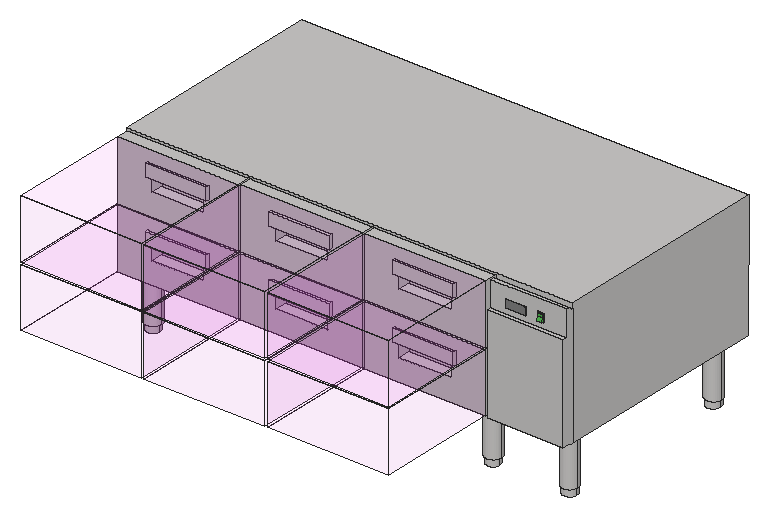
Revit family "QF_ELECTROLUXPROFESSIONAL_391605_E9TTBPCOMKN", category Specialty Equipment, Revit 2018 (continued)
Lines and regions (mm)
  Split face 139
    outline origin (882.897, -448, 142.29) x (0, 0, -1) y (1, 0, 0)
      loop
        arc (-85.025, -240.599) -> (-81.004, -236.61) -> (-85.004, -232.599) r 4
        line (-85.004, -232.599) -> (-117.004, -232.599)
        arc (-117.004, -232.599) -> (-121.004, -236.61) -> (-116.984, -240.599) r 4
        line (-116.984, -240.599) -> (-85.025, -240.599)
  Split face 140
    outline origin (894.896, -448, 142.29) x (0, 0, -1) y (1, 0, 0)
      loop
        arc (-85.025, -240.599) -> (-81.004, -236.61) -> (-85.004, -232.599) r 4
        line (-85.004, -232.599) -> (-117.004, -232.599)
        arc (-117.004, -232.599) -> (-121.004, -236.61) -> (-116.984, -240.599) r 4
        line (-116.984, -240.599) -> (-85.025, -240.599)
  Split face 141
    outline origin (906.896, -448, 142.29) x (0, 0, -1) y (1, 0, 0)
      loop
        arc (-85.025, -242.399) -> (-81.004, -238.41) -> (-85.004, -234.4) r 4
        line (-85.004, -234.4) -> (-117.004, -234.4)
        arc (-117.004, -234.4) -> (-121.004, -238.41) -> (-116.984, -242.399) r 4
        line (-116.984, -242.399) -> (-85.025, -242.399)
  Split face 142
    outline origin (918.896, -448, 142.29) x (0, 0, -1) y (1, 0, 0)
      loop
        arc (-85.025, -242.399) -> (-81.004, -238.41) -> (-85.004, -234.4) r 4
        line (-85.004, -234.4) -> (-117.004, -234.4)
        arc (-117.004, -234.4) -> (-121.004, -238.41) -> (-116.984, -242.399) r 4
        line (-116.984, -242.399) -> (-85.025, -242.399)
  Split face 143
    outline origin (930.896, -448, 142.29) x (0, 0, -1) y (1, 0, 0)
      loop
        arc (-85.025, -242.399) -> (-81.004, -238.41) -> (-85.004, -234.4) r 4
        line (-85.004, -234.4) -> (-117.004, -234.4)
        arc (-117.004, -234.4) -> (-121.004, -238.41) -> (-116.984, -242.399) r 4
        line (-116.984, -242.399) -> (-85.025, -242.399)
  Split face 144
    outline origin (942.896, -448, 142.29) x (0, 0, -1) y (1, 0, 0)
      loop
        arc (-85.025, -242.399) -> (-81.004, -238.41) -> (-85.004, -234.4) r 4
        line (-85.004, -234.4) -> (-117.004, -234.4)
        arc (-117.004, -234.4) -> (-121.004, -238.41) -> (-116.984, -242.399) r 4
        line (-116.984, -242.399) -> (-85.025, -242.399)
  Split face 145
    outline origin (954.896, -448, 142.29) x (0, 0, -1) y (1, 0, 0)
      loop
        arc (-85.025, -242.399) -> (-81.004, -238.41) -> (-85.004, -234.4) r 4
        line (-85.004, -234.4) -> (-117.004, -234.4)
        arc (-117.004, -234.4) -> (-121.004, -238.41) -> (-116.984, -242.399) r 4
        line (-116.984, -242.399) -> (-85.025, -242.399)
  Split face 146
    outline origin (966.896, -448, 142.29) x (0, 0, -1) y (1, 0, 0)
      loop
        arc (-85.025, -242.399) -> (-81.004, -238.41) -> (-85.004, -234.4) r 4
        line (-85.004, -234.4) -> (-117.004, -234.4)
        arc (-117.004, -234.4) -> (-121.004, -238.41) -> (-116.984, -242.399) r 4
        line (-116.984, -242.399) -> (-85.025, -242.399)
  Split face 147
    outline origin (978.896, -448, 142.29) x (0, 0, -1) y (1, 0, 0)
      loop
        arc (-85.025, -242.399) -> (-81.004, -238.41) -> (-85.004, -234.4) r 4
        line (-85.004, -234.4) -> (-117.004, -234.4)
        arc (-117.004, -234.4) -> (-121.004, -238.41) -> (-116.984, -242.399) r 4
        line (-116.984, -242.399) -> (-85.025, -242.399)
  Split face 148
    outline origin (990.896, -448, 142.29) x (0, 0, -1) y (1, 0, 0)
      loop
        arc (-85.025, -242.399) -> (-81.004, -238.41) -> (-85.004, -234.4) r 4
        line (-85.004, -234.4) -> (-117.004, -234.4)
        arc (-117.004, -234.4) -> (-121.004, -238.41) -> (-116.984, -242.399) r 4
        line (-116.984, -242.399) -> (-85.025, -242.399)
  Split face 149
    outline origin (1002.896, -448, 142.29) x (0, 0, -1) y (1, 0, 0)
      loop
        arc (-85.025, -242.399) -> (-81.004, -238.41) -> (-85.004, -234.4) r 4
        line (-85.004, -234.4) -> (-117.004, -234.4)
        arc (-117.004, -234.4) -> (-121.004, -238.41) -> (-116.984, -242.399) r 4
        line (-116.984, -242.399) -> (-85.025, -242.399)
  Split face 150
    outline origin (1014.896, -448, 142.29) x (0, 0, -1) y (1, 0, 0)
      loop
        arc (-85.025, -242.399) -> (-81.004, -238.41) -> (-85.004, -234.4) r 4
        line (-85.004, -234.4) -> (-117.004, -234.4)
        arc (-117.004, -234.4) -> (-121.004, -238.41) -> (-116.984, -242.399) r 4
        line (-116.984, -242.399) -> (-85.025, -242.399)
  Split face 151
    outline origin (787, -448, 142.29) x (0, 0, -1) y (1, 0, 0)
      loop
        arc (-85.025, -240.599) -> (-81.004, -236.61) -> (-85.004, -232.599) r 4
        line (-85.004, -232.599) -> (-117.004, -232.599)
        arc (-117.004, -232.599) -> (-121.004, -236.61) -> (-116.984, -240.599) r 4
        line (-116.984, -240.599) -> (-85.025, -240.599)
  symbolic lines, style "SpecialityEquipmentHiddenLines"
    curve 1: line (-799, 380, 0) -> (799, 380, 0)
    curve 2: line (-799, -448, 0) -> (-799, 380, 0)
    curve 3: line (799, -448, 0) -> (-799, -448, 0)
    curve 4: line (799, 380, 0) -> (799, -448, 0)
    curve 17: line (-799, -403, 0) -> (799, -403, 0)
  symbolic lines, style "QF_Door-Drawer Clearances"
    curve 5: line (-775, -448, 0) -> (-775, -573, 0)
    curve 6: line (-380.999, -573, 0) -> (-380.999, -448, 0)
    curve 7: line (-332.969, -448, 0) -> (-332.969, -573, 0)
    curve 8: line (61.031, -573, 0) -> (61.031, -448, 0)
    curve 9: line (-795, -573, 0) -> (-360.999, -573, 0)
    curve 10: line (-352.969, -573, 0) -> (81.031, -573, 0)
    curve 11: line (-795, -613, 0) -> (-360.999, -613, 0)
    curve 12: line (-352.969, -613, 0) -> (81.031, -613, 0)
    curve 13: line (-360.999, -613, 0) -> (-360.999, -573, 0)
    curve 14: line (-352.969, -573, 0) -> (-352.969, -613, 0)
    curve 15: line (-795, -573, 0) -> (-795, -613, 0)
    curve 16: line (81.031, -613, 0) -> (81.031, -573, 0)
    curve 18: line (108.961, -448, 0) -> (108.961, -573, 0)
    curve 19: line (502.961, -573, 0) -> (502.961, -448, 0)
    curve 20: line (88.961, -573, 0) -> (522.961, -573, 0)
    curve 21: line (88.961, -613, 0) -> (522.961, -613, 0)
    curve 22: line (88.961, -573, 0) -> (88.961, -613, 0)
    curve 23: line (522.961, -613, 0) -> (522.961, -573, 0)
    curve 24: line (-775, -613, 0) -> (-775, -738, 0)
    curve 25: line (-380.999, -738, 0) -> (-380.999, -613, 0)
    curve 26: line (-332.969, -613, 0) -> (-332.969, -738, 0)
    curve 27: line (61.031, -738, 0) -> (61.031, -613, 0)
    curve 28: line (-795, -738, 0) -> (-360.999, -738, 0)
    curve 29: line (-352.969, -738, 0) -> (81.031, -738, 0)
    curve 30: line (-795, -778, 0) -> (-360.999, -778, 0)
    curve 31: line (-352.969, -778, 0) -> (81.031, -778, 0)
    curve 32: line (-360.999, -778, 0) -> (-360.999, -738, 0)
    curve 33: line (-352.969, -738, 0) -> (-352.969, -778, 0)
    curve 34: line (-795, -738, 0) -> (-795, -778, 0)
    curve 35: line (81.031, -778, 0) -> (81.031, -738, 0)
    curve 36: line (108.961, -613, 0) -> (108.961, -738, 0)
    curve 37: line (502.961, -738, 0) -> (502.961, -613, 0)
    curve 38: line (88.961, -738, 0) -> (522.961, -738, 0)
    curve 39: line (88.961, -778, 0) -> (522.961, -778, 0)
    curve 40: line (88.961, -738, 0) -> (88.961, -778, 0)
    curve 41: line (522.961, -778, 0) -> (522.961, -738, 0)
Dimensions and locks
  plane 4 to level = 200 mm
  plane 5 "TOP" to level = 650 mm
  plane 5 "TOP" to plane 4 = 450 mm
  equal spacing: plane 8 "LEFT", plane 3 "Centro (Sinistra/Destra)", plane 9 "RIGHT"
  plane 8 "LEFT" to plane 9 "RIGHT" = 1600 mm
  equal spacing: plane 6 "BACK", plane 1 "Center X", plane 7 "FRONT"
  plane 6 "BACK" to plane 7 "FRONT" = 900 mm
  plane 6 "BACK" to plane 10 = 853 mm
  locked: plane 10 to plane 11 at 45
  locked: plane 8 "LEFT" to plane 12 at 55
  locked: plane 13 to plane 9 "RIGHT" at 55
  plane 12 to plane 14 = 1216 mm
  locked: plane 22 to plane 15 at 88
  locked: plane 16 to plane 11 at 98
  locked: plane 19 to plane 9 "RIGHT" at 1
  locked: plane 8 "LEFT" to plane 18 at 1
  plane 19 to plane 17 = 513 mm
  locked: plane 6 "BACK" to plane 20 at 160
  locked: plane 21 to plane 9 "RIGHT" at 40
  locked: plane 6 "BACK" to plane 22 at 70
  locked: plane 11 to plane 7 "FRONT" at 2
  plane 15 to plane 22 = 88 mm
  plane 11 to plane 16 = 98 mm
  plane 12 to plane 8 "LEFT" = 55 mm
  plane 14 to plane 12 = 1216 mm
  aligned and locked: level to plane 2
  aligned and locked: plane 12 to nested 1
  aligned and locked: nested 1 to plane 16
  aligned and locked: nested 2 to plane 15
  aligned and locked: plane 14 to nested 3
  aligned and locked: nested 4 to plane 14
  aligned and locked: plane 13 to nested 5
  aligned and locked: nested 6 to plane 13
  aligned and locked: Extrusion 1 sketch curve to plane 10
  aligned and locked: plane 4 to Extrusion 2
  aligned and locked: Extrusion 1 to plane 22
  aligned and locked: plane 15 to nested 6
  aligned and locked: plane 15 to nested 4
  aligned and locked: plane 16 to nested 5
  aligned and locked: plane 16 to nested 3
  aligned and locked: nested 2 to plane 12
Automatic sketch dimensions
  Extrusion 2 sketch curve to plane 20 = 30 mm
  Extrusion 2 sketch curve to plane 21 = 0 mm
  Extrusion 7 sketch curve to plane 3 "Centro (Sinistra/Destra)" = 360.999 mm
  Extrusion 7 sketch curve to Extrusion 7 sketch curve = 123.7 mm
  plane 12 to Extrusion 7 sketch curve = 73.7 mm
  plane 18 to Extrusion 7 sketch curve = 4 mm
  Extrusion 7 sketch curve to plane 5 "TOP" = 222.5 mm
  Extrusion 7 sketch curve to plane 5 "TOP" = 143.294 mm
  Extrusion 7 sketch curve to plane 5 "TOP" = 65 mm
  Extrusion 7 sketch curve to plane 5 "TOP" = 9.006 mm
  Extrusion 7 to Extrusion 8 sketch curve = 0 mm
  Extrusion 8 sketch curve to Extrusion 7 = 0 mm  (x3)
  Extrusion 9 sketch curve to Extrusion 7 = 15 mm  (x2)
  Extrusion 7 to Extrusion 9 sketch curve = 31.031 mm
  Extrusion 9 sketch curve to Extrusion 7 = 13.969 mm
  plane 3 "Centro (Sinistra/Destra)" to Extrusion 10 sketch curve = 81.031 mm
  Extrusion 10 sketch curve to plane 3 "Centro (Sinistra/Destra)" = 42.668 mm
  Extrusion 10 sketch curve to Extrusion 10 sketch curve = 186.601 mm
  Extrusion 10 sketch curve to Extrusion 10 sketch curve = 123.7 mm
  Extrusion 10 sketch curve to plane 5 "TOP" = 222.5 mm
  Extrusion 10 sketch curve to plane 5 "TOP" = 143.294 mm
  Extrusion 10 sketch curve to plane 5 "TOP" = 65 mm
  Extrusion 10 sketch curve to plane 5 "TOP" = 9.006 mm
  Extrusion 10 to Extrusion 11 sketch curve = 0 mm
  Extrusion 11 sketch curve to Extrusion 10 = 0 mm  (x3)
  Extrusion 12 sketch curve to Extrusion 10 = 15 mm  (x2)
  Extrusion 10 to Extrusion 12 sketch curve = 31.031 mm
  Extrusion 12 sketch curve to Extrusion 10 = 13.969 mm
  Extrusion 13 sketch curve to plane 5 "TOP" = 9.006 mm
  plane 14 to Extrusion 13 sketch curve = 52 mm
  Extrusion 13 sketch curve to plane 14 = 71.738 mm
  Extrusion 13 sketch curve to plane 17 = 73.339 mm
  plane 3 "Centro (Sinistra/Destra)" to Extrusion 13 sketch curve = 88.961 mm
  Extrusion 13 sketch curve to plane 5 "TOP" = 65 mm
  Extrusion 13 sketch curve to Extrusion 13 sketch curve = 78.294 mm
  Extrusion 13 sketch curve to Extrusion 13 sketch curve = 79.206 mm
  Extrusion 14 sketch curve to Extrusion 13 = 0 mm  (x4)
  Extrusion 15 sketch curve to Extrusion 13 = 15 mm  (x2)
  Extrusion 13 to Extrusion 15 sketch curve = 31.031 mm
  Extrusion 15 sketch curve to Extrusion 13 = 13.969 mm
  curve 17 to plane 10 = 0 mm
  curve 17 to plane 18 = 0 mm
  curve 5 to plane 11 = 0 mm
  curve 4 to plane 19 = 0 mm
  curve 2 to plane 22 = 0 mm
  plane 18 to curve 30 = 4 mm
  plane 18 to curve 15 = 4 mm
  curve 30 to plane 3 "Centro (Sinistra/Destra)" = 360.999 mm
  curve 13 to curve 28 = 0 mm
  curve 30 to curve 31 = 8.03 mm
  curve 9 to curve 14 = 8.03 mm
  plane 3 "Centro (Sinistra/Destra)" to curve 10 = 81.031 mm
  plane 3 "Centro (Sinistra/Destra)" to curve 35 = 81.031 mm
  curve 10 to curve 22 = 7.93 mm
  curve 29 to curve 40 = 7.93 mm
  plane 14 to curve 20 = 51.961 mm
  plane 14 to curve 41 = 51.961 mm
  curve 9 to plane 7 "FRONT" = 123 mm
  curve 9 to curve 10 = 0 mm
  curve 10 to curve 20 = 0 mm
  curve 13 to curve 9 = 40 mm
  curve 23 to curve 20 = 40 mm
  curve 11 to curve 12 = 0 mm
  curve 41 to curve 21 = 125 mm
  curve 29 to curve 38 = 0 mm
  curve 28 to curve 29 = 0 mm
  curve 30 to curve 28 = 40 mm
  curve 35 to curve 29 = 40 mm
  curve 31 to curve 39 = 0 mm
  curve 9 to curve 5 = 20 mm
  curve 28 to curve 24 = 20 mm
  curve 6 to curve 9 = 20 mm
  curve 25 to curve 11 = 20 mm
  curve 29 to curve 26 = 20 mm
  curve 6 to curve 7 = 48.03 mm
  plane 3 "Centro (Sinistra/Destra)" to curve 8 = 61.031 mm
  curve 27 to curve 12 = 20 mm
  curve 20 to curve 18 = 20 mm
  curve 40 to curve 36 = 20 mm
  curve 19 to curve 20 = 20 mm
  curve 37 to curve 38 = 20 mm
  Extrusion 1 sketch curve to plane 19 = 0 mm
  Extrusion 1 sketch curve to plane 18 = 0 mm
  plane 22 to Extrusion 1 sketch curve = 0 mm
  Extrusion 3 sketch curve to plane 11 = 0 mm
  Extrusion 3 sketch curve to plane 4 = 0 mm
  Extrusion 3 sketch curve to plane 10 = 0 mm
  plane 11 to Extrusion 3 sketch curve = 16.901 mm
  Extrusion 3 sketch curve to Extrusion 3 sketch curve = 11.336 mm
  plane 4 to Extrusion 3 sketch curve = 4.796 mm
  Extrusion 3 sketch curve to plane 10 = 15.163 mm
  Extrusion 3 sketch curve to plane 10 = 5.442 mm
  Extrusion 3 sketch curve to plane 5 "TOP" = 100.204 mm
  Extrusion 3 sketch curve to plane 5 "TOP" = 20.473 mm
  Extrusion 3 sketch curve to plane 5 "TOP" = 9.006 mm
  Extrusion 3 to Extrusion 4 sketch curve = 42.198 mm
  Extrusion 4 sketch curve to Extrusion 3 = 20 mm
  Extrusion 3 to Extrusion 4 sketch curve = 102.899 mm
  Extrusion 4 sketch curve to Extrusion 4 sketch curve = 22 mm
  Extrusion 3 to Extrusion 5 sketch curve = 42.198 mm
  Extrusion 5 sketch curve to Extrusion 3 = 20 mm
  Extrusion 3 to Extrusion 5 sketch curve = 54.901 mm
  Extrusion 5 sketch curve to Extrusion 5 sketch curve = 70 mm
  Split face 1 sketch curve to Extrusion 5 = 5 mm
  Split face 1 sketch curve to Extrusion 5 = 9 mm
  Split face 1 sketch curve to Extrusion 5 = 10 mm  (x2)
  Split face 2 sketch curve to Extrusion 5 = 12.5 mm
  Split face 2 sketch curve to Extrusion 5 = 7 mm
  Split face 3 sketch curve to Extrusion 5 = 7.5 mm
  Split face 3 sketch curve to Extrusion 5 = 7 mm
  Split face 4 sketch curve to Extrusion 5 = 11.5 mm
  Split face 4 sketch curve to Extrusion 5 = 7 mm
  Split face 5 sketch curve to Extrusion 5 = 7.5 mm
  Split face 5 sketch curve to Extrusion 5 = 7 mm
  Split face 6 sketch curve to Extrusion 5 = 12.5 mm
  Split face 6 sketch curve to Extrusion 5 = 7 mm
  Split face 7 sketch curve to Extrusion 5 = 11.5 mm
  Split face 7 sketch curve to Extrusion 5 = 7 mm
  Split face 8 sketch curve to Extrusion 5 = 7.047 mm
  Split face 8 sketch curve to Extrusion 5 = 2.047 mm
  Split face 8 sketch curve to Extrusion 5 = 10 mm
  Split face 8 sketch curve to Split face 8 sketch curve = 11 mm
  Split face 9 sketch curve to Extrusion 5 = 7.047 mm
  Split face 9 sketch curve to Extrusion 5 = 2.047 mm
  Split face 9 sketch curve to Extrusion 5 = 23 mm
  Split face 9 sketch curve to Split face 9 sketch curve = 11 mm
  Split face 10 sketch curve to Extrusion 5 = 7.047 mm
  Split face 10 sketch curve to Extrusion 5 = 2.047 mm
  Split face 10 sketch curve to Extrusion 5 = 34 mm
  Split face 10 sketch curve to Split face 10 sketch curve = 11 mm
  Split face 11 sketch curve to Extrusion 5 = 7.047 mm
  Split face 11 sketch curve to Extrusion 5 = 2.047 mm
  Split face 11 sketch curve to Extrusion 5 = 21 mm
  Split face 11 sketch curve to Extrusion 5 = 10 mm
  Extrusion 6 sketch curve to Extrusion 6 sketch curve = 0 mm  (x3)
  Extrusion 6 sketch curve to Extrusion 4 = 0 mm
  Extrusion 4 to Extrusion 6 sketch curve = 2.279 mm
  Extrusion 6 sketch curve to Extrusion 6 sketch curve = 0.116 mm
  Extrusion 6 sketch curve to Extrusion 6 sketch curve = 12.105 mm
  Extrusion 4 to Extrusion 6 sketch curve = 3.692 mm
  Extrusion 4 to Extrusion 6 sketch curve = 2.395 mm
  Split face 12 sketch curve to Extrusion 3 = 20.5 mm
  Split face 12 sketch curve to Split face 12 sketch curve = 0.02 mm  (x2)
  Split face 12 sketch curve to Split face 12 sketch curve = 31.959 mm
  Split face 12 sketch curve to Extrusion 3 = 30.401 mm
  Split face 12 sketch curve to Split face 12 sketch curve = 4 mm
  Split face 13 sketch curve to Extrusion 3 = 20.5 mm
  Split face 13 sketch curve to Split face 13 sketch curve = 0.02 mm  (x2)
  Split face 13 sketch curve to Split face 13 sketch curve = 31.959 mm
  Split face 13 sketch curve to Extrusion 3 = 42.4 mm
  Split face 13 sketch curve to Split face 13 sketch curve = 4 mm
  Split face 14 sketch curve to Extrusion 3 = 20.5 mm
  Split face 14 sketch curve to Split face 14 sketch curve = 0.02 mm  (x2)
  Split face 14 sketch curve to Split face 14 sketch curve = 31.959 mm
  Split face 14 sketch curve to Extrusion 3 = 54.4 mm
  Split face 14 sketch curve to Split face 14 sketch curve = 4 mm
  Split face 15 sketch curve to Extrusion 3 = 20.5 mm
  Split face 15 sketch curve to Split face 15 sketch curve = 0.02 mm  (x2)
  Split face 15 sketch curve to Split face 15 sketch curve = 31.959 mm
  Split face 15 sketch curve to Extrusion 3 = 66.297 mm
  Split face 15 sketch curve to Split face 15 sketch curve = 4 mm
  Split face 16 sketch curve to Extrusion 3 = 20.5 mm
  Split face 16 sketch curve to Split face 16 sketch curve = 0.02 mm  (x2)
  Split face 16 sketch curve to Split face 16 sketch curve = 31.959 mm
  Split face 16 sketch curve to Extrusion 3 = 78.297 mm
  Split face 16 sketch curve to Split face 16 sketch curve = 4 mm
  Split face 17 sketch curve to Extrusion 3 = 20.5 mm
  Split face 17 sketch curve to Split face 17 sketch curve = 0.02 mm  (x2)
  Split face 17 sketch curve to Split face 17 sketch curve = 31.959 mm
  Split face 17 sketch curve to Extrusion 3 = 90.297 mm
  Split face 17 sketch curve to Split face 17 sketch curve = 4 mm
  Split face 18 sketch curve to Extrusion 3 = 20.5 mm
  Split face 18 sketch curve to Split face 18 sketch curve = 0.02 mm  (x2)
  Split face 18 sketch curve to Split face 18 sketch curve = 31.959 mm
  Split face 18 sketch curve to Extrusion 3 = 102.297 mm
  Split face 18 sketch curve to Split face 18 sketch curve = 4 mm
  Split face 19 sketch curve to Extrusion 3 = 20.5 mm
  Split face 19 sketch curve to Split face 19 sketch curve = 0.02 mm  (x2)
  Split face 19 sketch curve to Split face 19 sketch curve = 31.959 mm
  Split face 19 sketch curve to Extrusion 3 = 114.297 mm
  Split face 19 sketch curve to Split face 19 sketch curve = 4 mm
  Split face 20 sketch curve to Extrusion 3 = 20.5 mm
  Split face 20 sketch curve to Split face 20 sketch curve = 0.02 mm  (x2)
  Split face 20 sketch curve to Split face 20 sketch curve = 31.959 mm
  Split face 20 sketch curve to Extrusion 3 = 126.297 mm
  Split face 20 sketch curve to Split face 20 sketch curve = 4 mm
  Split face 21 sketch curve to Extrusion 3 = 20.5 mm
  Split face 21 sketch curve to Split face 21 sketch curve = 0.02 mm  (x2)
  Split face 21 sketch curve to Split face 21 sketch curve = 31.959 mm
  Split face 21 sketch curve to Extrusion 3 = 134.503 mm
  Split face 21 sketch curve to Split face 21 sketch curve = 4 mm
  Split face 22 sketch curve to Extrusion 3 = 20.5 mm
  Split face 22 sketch curve to Split face 22 sketch curve = 0.02 mm  (x2)
  Split face 22 sketch curve to Split face 22 sketch curve = 31.959 mm
  Split face 22 sketch curve to Extrusion 3 = 122.504 mm
  Split face 22 sketch curve to Split face 22 sketch curve = 4 mm
  Split face 23 sketch curve to Extrusion 3 = 20.5 mm
  Split face 23 sketch curve to Split face 23 sketch curve = 0.02 mm  (x2)
  Split face 23 sketch curve to Split face 23 sketch curve = 31.959 mm
  Split face 23 sketch curve to Extrusion 3 = 110.503 mm
  Split face 23 sketch curve to Split face 23 sketch curve = 4 mm
  Split face 24 sketch curve to Extrusion 3 = 20.5 mm
  Split face 24 sketch curve to Split face 24 sketch curve = 0.02 mm  (x2)
  Split face 24 sketch curve to Split face 24 sketch curve = 31.959 mm
  Split face 24 sketch curve to Extrusion 3 = 98.503 mm
  Split face 24 sketch curve to Split face 24 sketch curve = 4 mm
  Split face 25 sketch curve to Extrusion 3 = 20.5 mm
  Split face 25 sketch curve to Split face 25 sketch curve = 0.02 mm  (x2)
  Split face 25 sketch curve to Split face 25 sketch curve = 31.959 mm
  Split face 25 sketch curve to Extrusion 3 = 86.503 mm
  Split face 25 sketch curve to Split face 25 sketch curve = 4 mm
  Split face 26 sketch curve to Extrusion 3 = 20.5 mm
  Split face 26 sketch curve to Split face 26 sketch curve = 0.02 mm  (x2)
  Split face 26 sketch curve to Split face 26 sketch curve = 31.959 mm
  Split face 26 sketch curve to Extrusion 3 = 74.504 mm
  Split face 26 sketch curve to Split face 26 sketch curve = 4 mm
  Split face 27 sketch curve to Extrusion 3 = 20.5 mm
  Split face 27 sketch curve to Split face 27 sketch curve = 0.02 mm  (x2)
  Split face 27 sketch curve to Split face 27 sketch curve = 31.959 mm
  Split face 27 sketch curve to Extrusion 3 = 62.503 mm
  Split face 27 sketch curve to Split face 27 sketch curve = 4 mm
  Split face 28 sketch curve to Extrusion 3 = 20.5 mm
  Split face 28 sketch curve to Split face 28 sketch curve = 0.02 mm  (x2)
  Split face 28 sketch curve to Split face 28 sketch curve = 31.959 mm
  Split face 28 sketch curve to Extrusion 3 = 50.504 mm
  Split face 28 sketch curve to Split face 28 sketch curve = 4 mm
  Split face 29 sketch curve to Extrusion 3 = 20.5 mm
  Split face 29 sketch curve to Split face 29 sketch curve = 0.02 mm  (x2)
  Split face 29 sketch curve to Split face 29 sketch curve = 31.959 mm
  Split face 29 sketch curve to Extrusion 3 = 38.504 mm
  Split face 29 sketch curve to Split face 29 sketch curve = 4 mm
  Split face 30 sketch curve to Extrusion 3 = 20.5 mm
  Split face 30 sketch curve to Split face 30 sketch curve = 0.02 mm  (x2)
  Split face 30 sketch curve to Split face 30 sketch curve = 31.959 mm
  Split face 30 sketch curve to Extrusion 3 = 26.504 mm
  Split face 30 sketch curve to Split face 30 sketch curve = 4 mm
  Split face 31 sketch curve to Extrusion 3 = 20.5 mm
  Split face 31 sketch curve to Split face 31 sketch curve = 0.02 mm  (x2)
  Split face 31 sketch curve to Split face 31 sketch curve = 31.959 mm
  Split face 31 sketch curve to Extrusion 3 = 18.401 mm
  Split face 31 sketch curve to Split face 31 sketch curve = 4 mm
  Split face 32 sketch curve to Extrusion 3 = 65.502 mm
  Split face 32 sketch curve to Split face 32 sketch curve = 0.02 mm  (x2)
  Split face 32 sketch curve to Split face 32 sketch curve = 31.959 mm
  Split face 32 sketch curve to Extrusion 3 = 30.401 mm
  Split face 32 sketch curve to Split face 32 sketch curve = 4 mm
  Split face 33 sketch curve to Extrusion 3 = 65.502 mm
  Split face 33 sketch curve to Split face 33 sketch curve = 0.02 mm  (x2)
  Split face 33 sketch curve to Split face 33 sketch curve = 31.959 mm
  Split face 33 sketch curve to Extrusion 3 = 42.4 mm
  Split face 33 sketch curve to Split face 33 sketch curve = 4 mm
  Split face 34 sketch curve to Extrusion 3 = 65.502 mm
  Split face 34 sketch curve to Split face 34 sketch curve = 0.02 mm  (x2)
  Split face 34 sketch curve to Split face 34 sketch curve = 31.959 mm
  Split face 34 sketch curve to Extrusion 3 = 54.4 mm
  Split face 34 sketch curve to Split face 34 sketch curve = 4 mm
  Split face 35 sketch curve to Extrusion 3 = 65.502 mm
  Split face 35 sketch curve to Split face 35 sketch curve = 0.02 mm  (x2)
  Split face 35 sketch curve to Split face 35 sketch curve = 31.959 mm
  Split face 35 sketch curve to Extrusion 3 = 66.297 mm
  Split face 35 sketch curve to Split face 35 sketch curve = 4 mm
  Split face 36 sketch curve to Extrusion 3 = 65.502 mm
  Split face 36 sketch curve to Split face 36 sketch curve = 0.02 mm  (x2)
  Split face 36 sketch curve to Split face 36 sketch curve = 31.959 mm
  Split face 36 sketch curve to Extrusion 3 = 78.297 mm
  Split face 36 sketch curve to Split face 36 sketch curve = 4 mm
  Split face 37 sketch curve to Extrusion 3 = 65.502 mm
  Split face 37 sketch curve to Split face 37 sketch curve = 0.02 mm  (x2)
  Split face 37 sketch curve to Split face 37 sketch curve = 31.959 mm
  Split face 37 sketch curve to Extrusion 3 = 90.297 mm
  Split face 37 sketch curve to Split face 37 sketch curve = 4 mm
  Split face 38 sketch curve to Extrusion 3 = 65.502 mm
  Split face 38 sketch curve to Split face 38 sketch curve = 0.02 mm  (x2)
  Split face 38 sketch curve to Split face 38 sketch curve = 31.959 mm
  Split face 38 sketch curve to Extrusion 3 = 102.297 mm
  Split face 38 sketch curve to Split face 38 sketch curve = 4 mm
  Split face 39 sketch curve to Extrusion 3 = 65.502 mm
  Split face 39 sketch curve to Split face 39 sketch curve = 0.02 mm  (x2)
  Split face 39 sketch curve to Split face 39 sketch curve = 31.959 mm
  Split face 39 sketch curve to Extrusion 3 = 114.297 mm
  Split face 39 sketch curve to Split face 39 sketch curve = 4 mm
  Split face 40 sketch curve to Extrusion 3 = 65.502 mm
  Split face 40 sketch curve to Split face 40 sketch curve = 0.02 mm  (x2)
  Split face 40 sketch curve to Split face 40 sketch curve = 31.959 mm
  Split face 40 sketch curve to Extrusion 3 = 126.297 mm
  Split face 40 sketch curve to Split face 40 sketch curve = 4 mm
  Split face 41 sketch curve to Extrusion 3 = 65.502 mm
  Split face 41 sketch curve to Split face 41 sketch curve = 0.02 mm  (x2)
  Split face 41 sketch curve to Split face 41 sketch curve = 31.959 mm
  Split face 41 sketch curve to Extrusion 3 = 134.503 mm
  Split face 41 sketch curve to Split face 41 sketch curve = 4 mm
  Split face 42 sketch curve to Extrusion 3 = 65.502 mm
  Split face 42 sketch curve to Split face 42 sketch curve = 0.02 mm  (x2)
  Split face 42 sketch curve to Split face 42 sketch curve = 31.959 mm
  Split face 42 sketch curve to Extrusion 3 = 122.504 mm
  Split face 42 sketch curve to Split face 42 sketch curve = 4 mm
  Split face 43 sketch curve to Extrusion 3 = 65.502 mm
  Split face 43 sketch curve to Split face 43 sketch curve = 0.02 mm  (x2)
  Split face 43 sketch curve to Split face 43 sketch curve = 31.959 mm
  Split face 43 sketch curve to Extrusion 3 = 110.503 mm
  Split face 43 sketch curve to Split face 43 sketch curve = 4 mm
  Split face 44 sketch curve to Extrusion 3 = 65.502 mm
  Split face 44 sketch curve to Split face 44 sketch curve = 0.02 mm  (x2)
  Split face 44 sketch curve to Split face 44 sketch curve = 31.959 mm
  Split face 44 sketch curve to Extrusion 3 = 98.503 mm
  Split face 44 sketch curve to Split face 44 sketch curve = 4 mm
  Split face 45 sketch curve to Extrusion 3 = 65.502 mm
  Split face 45 sketch curve to Split face 45 sketch curve = 0.02 mm  (x2)
  Split face 45 sketch curve to Split face 45 sketch curve = 31.959 mm
  Split face 45 sketch curve to Extrusion 3 = 86.503 mm
  Split face 45 sketch curve to Split face 45 sketch curve = 4 mm
  Split face 46 sketch curve to Extrusion 3 = 65.502 mm
  Split face 46 sketch curve to Split face 46 sketch curve = 0.02 mm  (x2)
  Split face 46 sketch curve to Split face 46 sketch curve = 31.959 mm
  Split face 46 sketch curve to Extrusion 3 = 74.504 mm
  Split face 46 sketch curve to Split face 46 sketch curve = 4 mm
  Split face 47 sketch curve to Extrusion 3 = 65.502 mm
  Split face 47 sketch curve to Split face 47 sketch curve = 0.02 mm  (x2)
  Split face 47 sketch curve to Split face 47 sketch curve = 31.959 mm
  Split face 47 sketch curve to Extrusion 3 = 62.503 mm
  Split face 47 sketch curve to Split face 47 sketch curve = 4 mm
  Split face 48 sketch curve to Extrusion 3 = 65.502 mm
  Split face 48 sketch curve to Split face 48 sketch curve = 0.02 mm  (x2)
  Split face 48 sketch curve to Split face 48 sketch curve = 31.959 mm
  Split face 48 sketch curve to Extrusion 3 = 50.504 mm
  Split face 48 sketch curve to Split face 48 sketch curve = 4 mm
  Split face 49 sketch curve to Extrusion 3 = 65.502 mm
  Split face 49 sketch curve to Split face 49 sketch curve = 0.02 mm  (x2)
  Split face 49 sketch curve to Split face 49 sketch curve = 31.959 mm
  Split face 49 sketch curve to Extrusion 3 = 38.504 mm
  Split face 49 sketch curve to Split face 49 sketch curve = 4 mm
  Split face 50 sketch curve to Extrusion 3 = 22.504 mm
  Split face 50 sketch curve to Extrusion 3 = 65.502 mm
  Split face 50 sketch curve to Split face 50 sketch curve = 0.02 mm  (x2)
  Split face 50 sketch curve to Split face 50 sketch curve = 31.959 mm
  Split face 50 sketch curve to Split face 50 sketch curve = 4 mm
  Split face 51 sketch curve to Extrusion 3 = 22.401 mm
  Split face 51 sketch curve to Extrusion 3 = 65.502 mm
  Split face 51 sketch curve to Split face 51 sketch curve = 0.02 mm  (x2)
  Split face 51 sketch curve to Split face 51 sketch curve = 31.959 mm
  Split face 51 sketch curve to Split face 51 sketch curve = 4 mm
  Split face 52 sketch curve to Extrusion 3 = 34.401 mm
  Split face 52 sketch curve to Extrusion 3 = 110.502 mm
  Split face 52 sketch curve to Split face 52 sketch curve = 0.02 mm  (x2)
  Split face 52 sketch curve to Split face 52 sketch curve = 31.959 mm
  Split face 52 sketch curve to Split face 52 sketch curve = 4 mm
  Split face 53 sketch curve to Extrusion 3 = 46.4 mm
  Split face 53 sketch curve to Extrusion 3 = 110.502 mm
  Split face 53 sketch curve to Split face 53 sketch curve = 0.02 mm  (x2)
  Split face 53 sketch curve to Split face 53 sketch curve = 31.959 mm
  Split face 53 sketch curve to Split face 53 sketch curve = 4 mm
  Split face 54 sketch curve to Extrusion 3 = 110.502 mm
  Split face 54 sketch curve to Split face 54 sketch curve = 0.02 mm  (x2)
  Split face 54 sketch curve to Split face 54 sketch curve = 31.959 mm
  Split face 54 sketch curve to Extrusion 3 = 54.4 mm
  Split face 54 sketch curve to Split face 54 sketch curve = 4 mm
  Split face 55 sketch curve to Extrusion 3 = 110.502 mm
  Split face 55 sketch curve to Split face 55 sketch curve = 0.02 mm  (x2)
  Split face 55 sketch curve to Split face 55 sketch curve = 31.959 mm
  Split face 55 sketch curve to Extrusion 3 = 66.297 mm
  Split face 55 sketch curve to Split face 55 sketch curve = 4 mm
  Split face 56 sketch curve to Extrusion 3 = 110.502 mm
  Split face 56 sketch curve to Split face 56 sketch curve = 0.02 mm  (x2)
  Split face 56 sketch curve to Split face 56 sketch curve = 31.959 mm
  Split face 56 sketch curve to Extrusion 3 = 78.297 mm
  Split face 56 sketch curve to Split face 56 sketch curve = 4 mm
  Split face 57 sketch curve to Extrusion 3 = 110.502 mm
  Split face 57 sketch curve to Split face 57 sketch curve = 0.02 mm  (x2)
  Split face 57 sketch curve to Split face 57 sketch curve = 31.959 mm
  Split face 57 sketch curve to Extrusion 3 = 90.297 mm
  Split face 57 sketch curve to Split face 57 sketch curve = 4 mm
  Split face 58 sketch curve to Extrusion 3 = 110.502 mm
  Split face 58 sketch curve to Split face 58 sketch curve = 0.02 mm  (x2)
  Split face 58 sketch curve to Split face 58 sketch curve = 31.959 mm
  Split face 58 sketch curve to Extrusion 3 = 102.297 mm
  Split face 58 sketch curve to Split face 58 sketch curve = 4 mm
  Split face 59 sketch curve to Extrusion 3 = 110.502 mm
  Split face 59 sketch curve to Split face 59 sketch curve = 0.02 mm  (x2)
  Split face 59 sketch curve to Split face 59 sketch curve = 31.959 mm
  Split face 59 sketch curve to Extrusion 3 = 114.297 mm
  Split face 59 sketch curve to Split face 59 sketch curve = 4 mm
  Split face 60 sketch curve to Extrusion 3 = 110.502 mm
  Split face 60 sketch curve to Split face 60 sketch curve = 0.02 mm  (x2)
  Split face 60 sketch curve to Split face 60 sketch curve = 31.959 mm
  Split face 60 sketch curve to Extrusion 3 = 126.297 mm
  Split face 60 sketch curve to Split face 60 sketch curve = 4 mm
  Split face 61 sketch curve to Extrusion 3 = 110.502 mm
  Split face 61 sketch curve to Split face 61 sketch curve = 0.02 mm  (x2)
  Split face 61 sketch curve to Split face 61 sketch curve = 31.959 mm
  Split face 61 sketch curve to Extrusion 3 = 134.503 mm
  Split face 61 sketch curve to Split face 61 sketch curve = 4 mm
  Split face 62 sketch curve to Extrusion 3 = 110.502 mm
  Split face 62 sketch curve to Split face 62 sketch curve = 0.02 mm  (x2)
  Split face 62 sketch curve to Split face 62 sketch curve = 31.959 mm
  Split face 62 sketch curve to Extrusion 3 = 122.504 mm
  Split face 62 sketch curve to Split face 62 sketch curve = 4 mm
  Split face 63 sketch curve to Extrusion 3 = 110.502 mm
  Split face 63 sketch curve to Split face 63 sketch curve = 0.02 mm  (x2)
  Split face 63 sketch curve to Split face 63 sketch curve = 31.959 mm
  Split face 63 sketch curve to Extrusion 3 = 110.503 mm
  Split face 63 sketch curve to Split face 63 sketch curve = 4 mm
  Split face 64 sketch curve to Extrusion 3 = 110.502 mm
  Split face 64 sketch curve to Split face 64 sketch curve = 0.02 mm  (x2)
  Split face 64 sketch curve to Split face 64 sketch curve = 31.959 mm
  Split face 64 sketch curve to Extrusion 3 = 98.503 mm
  Split face 64 sketch curve to Split face 64 sketch curve = 4 mm
  Split face 65 sketch curve to Extrusion 3 = 110.502 mm
  Split face 65 sketch curve to Split face 65 sketch curve = 0.02 mm  (x2)
  Split face 65 sketch curve to Split face 65 sketch curve = 31.959 mm
  Split face 65 sketch curve to Extrusion 3 = 86.503 mm
  Split face 65 sketch curve to Split face 65 sketch curve = 4 mm
  Split face 66 sketch curve to Extrusion 3 = 110.502 mm
  Split face 66 sketch curve to Split face 66 sketch curve = 0.02 mm  (x2)
  Split face 66 sketch curve to Split face 66 sketch curve = 31.959 mm
  Split face 66 sketch curve to Extrusion 3 = 74.504 mm
  Split face 66 sketch curve to Split face 66 sketch curve = 4 mm
  Split face 67 sketch curve to Extrusion 3 = 110.502 mm
  Split face 67 sketch curve to Split face 67 sketch curve = 0.02 mm  (x2)
  Split face 67 sketch curve to Split face 67 sketch curve = 31.959 mm
  Split face 67 sketch curve to Extrusion 3 = 62.503 mm
  Split face 67 sketch curve to Split face 67 sketch curve = 4 mm
  Split face 68 sketch curve to Extrusion 3 = 46.504 mm
  Split face 68 sketch curve to Extrusion 3 = 110.502 mm
  Split face 68 sketch curve to Split face 68 sketch curve = 0.02 mm  (x2)
  Split face 68 sketch curve to Split face 68 sketch curve = 31.959 mm
  Split face 68 sketch curve to Split face 68 sketch curve = 4 mm
  Split face 69 sketch curve to Extrusion 3 = 34.504 mm
  Split face 69 sketch curve to Extrusion 3 = 110.502 mm
  Split face 69 sketch curve to Split face 69 sketch curve = 0.02 mm  (x2)
  Split face 69 sketch curve to Split face 69 sketch curve = 31.959 mm
  Split face 69 sketch curve to Split face 69 sketch curve = 4 mm
  Split face 70 sketch curve to Extrusion 3 = 22.504 mm
  Split face 70 sketch curve to Extrusion 3 = 110.502 mm
  Split face 70 sketch curve to Split face 70 sketch curve = 0.02 mm  (x2)
  Split face 70 sketch curve to Split face 70 sketch curve = 31.959 mm
  Split face 70 sketch curve to Split face 70 sketch curve = 4 mm
  Split face 71 sketch curve to Extrusion 3 = 22.401 mm
  Split face 71 sketch curve to Extrusion 3 = 110.502 mm
  Split face 71 sketch curve to Split face 71 sketch curve = 0.02 mm  (x2)
  Split face 71 sketch curve to Split face 71 sketch curve = 31.959 mm
  Split face 71 sketch curve to Split face 71 sketch curve = 4 mm
  Split face 72 sketch curve to Extrusion 3 = 34.401 mm
  Split face 72 sketch curve to Extrusion 3 = 155.502 mm
  Split face 72 sketch curve to Split face 72 sketch curve = 0.02 mm  (x2)
  Split face 72 sketch curve to Split face 72 sketch curve = 31.959 mm
  Split face 72 sketch curve to Split face 72 sketch curve = 4 mm
  Split face 73 sketch curve to Extrusion 3 = 46.4 mm
  Split face 73 sketch curve to Extrusion 3 = 155.502 mm
  Split face 73 sketch curve to Split face 73 sketch curve = 0.02 mm  (x2)
  Split face 73 sketch curve to Split face 73 sketch curve = 31.959 mm
  Split face 73 sketch curve to Split face 73 sketch curve = 4 mm
  Split face 74 sketch curve to Extrusion 3 = 58.4 mm
  Split face 74 sketch curve to Extrusion 3 = 155.502 mm
  Split face 74 sketch curve to Split face 74 sketch curve = 0.02 mm  (x2)
  Split face 74 sketch curve to Split face 74 sketch curve = 31.959 mm
  Split face 74 sketch curve to Split face 74 sketch curve = 4 mm
  Split face 75 sketch curve to Extrusion 3 = 70.297 mm
  Split face 75 sketch curve to Extrusion 3 = 155.502 mm
  Split face 75 sketch curve to Split face 75 sketch curve = 0.02 mm  (x2)
  Split face 75 sketch curve to Split face 75 sketch curve = 31.959 mm
  Split face 75 sketch curve to Split face 75 sketch curve = 4 mm
  Split face 76 sketch curve to Extrusion 3 = 155.502 mm
  Split face 76 sketch curve to Split face 76 sketch curve = 0.02 mm  (x2)
  Split face 76 sketch curve to Split face 76 sketch curve = 31.959 mm
  Split face 76 sketch curve to Extrusion 3 = 78.297 mm
  Split face 76 sketch curve to Split face 76 sketch curve = 4 mm
  Split face 77 sketch curve to Extrusion 3 = 155.502 mm
  Split face 77 sketch curve to Split face 77 sketch curve = 0.02 mm  (x2)
  Split face 77 sketch curve to Split face 77 sketch curve = 31.959 mm
  Split face 77 sketch curve to Extrusion 3 = 90.297 mm
  Split face 77 sketch curve to Split face 77 sketch curve = 4 mm
  Split face 78 sketch curve to Extrusion 3 = 155.502 mm
  Split face 78 sketch curve to Split face 78 sketch curve = 0.02 mm  (x2)
  Split face 78 sketch curve to Split face 78 sketch curve = 31.959 mm
  Split face 78 sketch curve to Extrusion 3 = 102.297 mm
  Split face 78 sketch curve to Split face 78 sketch curve = 4 mm
  Split face 79 sketch curve to Extrusion 3 = 155.502 mm
  Split face 79 sketch curve to Split face 79 sketch curve = 0.02 mm  (x2)
  Split face 79 sketch curve to Split face 79 sketch curve = 31.959 mm
  Split face 79 sketch curve to Extrusion 3 = 114.297 mm
  Split face 79 sketch curve to Split face 79 sketch curve = 4 mm
  Split face 80 sketch curve to Extrusion 3 = 155.502 mm
  Split face 80 sketch curve to Split face 80 sketch curve = 0.02 mm  (x2)
  Split face 80 sketch curve to Split face 80 sketch curve = 31.959 mm
  Split face 80 sketch curve to Extrusion 3 = 126.297 mm
  Split face 80 sketch curve to Split face 80 sketch curve = 4 mm
  Split face 81 sketch curve to Extrusion 3 = 155.502 mm
  Split face 81 sketch curve to Split face 81 sketch curve = 0.02 mm  (x2)
  Split face 81 sketch curve to Split face 81 sketch curve = 31.959 mm
  Split face 81 sketch curve to Extrusion 3 = 134.503 mm
  Split face 81 sketch curve to Split face 81 sketch curve = 4 mm
  Split face 82 sketch curve to Extrusion 3 = 155.502 mm
  Split face 82 sketch curve to Split face 82 sketch curve = 0.02 mm  (x2)
  Split face 82 sketch curve to Split face 82 sketch curve = 31.959 mm
  Split face 82 sketch curve to Extrusion 3 = 122.504 mm
  Split face 82 sketch curve to Split face 82 sketch curve = 4 mm
  Split face 83 sketch curve to Extrusion 3 = 155.502 mm
  Split face 83 sketch curve to Split face 83 sketch curve = 0.02 mm  (x2)
  Split face 83 sketch curve to Split face 83 sketch curve = 31.959 mm
  Split face 83 sketch curve to Extrusion 3 = 110.503 mm
  Split face 83 sketch curve to Split face 83 sketch curve = 4 mm
  Split face 84 sketch curve to Extrusion 3 = 155.502 mm
  Split face 84 sketch curve to Split face 84 sketch curve = 0.02 mm  (x2)
  Split face 84 sketch curve to Split face 84 sketch curve = 31.959 mm
  Split face 84 sketch curve to Extrusion 3 = 98.503 mm
  Split face 84 sketch curve to Split face 84 sketch curve = 4 mm
  Split face 85 sketch curve to Extrusion 3 = 155.502 mm
  Split face 85 sketch curve to Split face 85 sketch curve = 0.02 mm  (x2)
  Split face 85 sketch curve to Split face 85 sketch curve = 31.959 mm
  Split face 85 sketch curve to Extrusion 3 = 86.503 mm
  Split face 85 sketch curve to Split face 85 sketch curve = 4 mm
  Split face 86 sketch curve to Extrusion 3 = 70.504 mm
  Split face 86 sketch curve to Extrusion 3 = 155.502 mm
  Split face 86 sketch curve to Split face 86 sketch curve = 0.02 mm  (x2)
  Split face 86 sketch curve to Split face 86 sketch curve = 31.959 mm
  Split face 86 sketch curve to Split face 86 sketch curve = 4 mm
  Split face 87 sketch curve to Extrusion 3 = 58.503 mm
  Split face 87 sketch curve to Extrusion 3 = 155.502 mm
  Split face 87 sketch curve to Split face 87 sketch curve = 0.02 mm  (x2)
  Split face 87 sketch curve to Split face 87 sketch curve = 31.959 mm
  Split face 87 sketch curve to Split face 87 sketch curve = 4 mm
  Split face 88 sketch curve to Extrusion 3 = 46.504 mm
  Split face 88 sketch curve to Extrusion 3 = 155.502 mm
  Split face 88 sketch curve to Split face 88 sketch curve = 0.02 mm  (x2)
  Split face 88 sketch curve to Split face 88 sketch curve = 31.959 mm
  Split face 88 sketch curve to Split face 88 sketch curve = 4 mm
  Split face 89 sketch curve to Extrusion 3 = 34.504 mm
  Split face 89 sketch curve to Extrusion 3 = 155.502 mm
  Split face 89 sketch curve to Split face 89 sketch curve = 0.02 mm  (x2)
  Split face 89 sketch curve to Split face 89 sketch curve = 31.959 mm
  Split face 89 sketch curve to Split face 89 sketch curve = 4 mm
  Split face 90 sketch curve to Extrusion 3 = 22.504 mm
  Split face 90 sketch curve to Extrusion 3 = 155.502 mm
  Split face 90 sketch curve to Split face 90 sketch curve = 0.02 mm  (x2)
  Split face 90 sketch curve to Split face 90 sketch curve = 31.959 mm
  Split face 90 sketch curve to Split face 90 sketch curve = 4 mm
  Split face 91 sketch curve to Extrusion 3 = 22.401 mm
  Split face 91 sketch curve to Extrusion 3 = 155.502 mm
  Split face 91 sketch curve to Split face 91 sketch curve = 0.02 mm  (x2)
  Split face 91 sketch curve to Split face 91 sketch curve = 31.959 mm
  Split face 91 sketch curve to Split face 91 sketch curve = 4 mm
  Split face 92 sketch curve to Extrusion 3 = 34.401 mm
  Split face 92 sketch curve to Extrusion 3 = 144.498 mm
  Split face 92 sketch curve to Split face 92 sketch curve = 0.02 mm  (x2)
  Split face 92 sketch curve to Split face 92 sketch curve = 31.959 mm
  Split face 92 sketch curve to Split face 92 sketch curve = 4 mm
  Split face 93 sketch curve to Extrusion 3 = 46.4 mm
  Split face 93 sketch curve to Extrusion 3 = 144.498 mm
  Split face 93 sketch curve to Split face 93 sketch curve = 0.02 mm  (x2)
  Split face 93 sketch curve to Split face 93 sketch curve = 31.959 mm
  Split face 93 sketch curve to Split face 93 sketch curve = 4 mm
  Split face 94 sketch curve to Extrusion 3 = 58.4 mm
  Split face 94 sketch curve to Extrusion 3 = 144.498 mm
  Split face 94 sketch curve to Split face 94 sketch curve = 0.02 mm  (x2)
  Split face 94 sketch curve to Split face 94 sketch curve = 31.959 mm
  Split face 94 sketch curve to Split face 94 sketch curve = 4 mm
  Split face 95 sketch curve to Extrusion 3 = 70.297 mm
  Split face 95 sketch curve to Extrusion 3 = 144.498 mm
  Split face 95 sketch curve to Split face 95 sketch curve = 0.02 mm  (x2)
  Split face 95 sketch curve to Split face 95 sketch curve = 31.959 mm
  Split face 95 sketch curve to Split face 95 sketch curve = 4 mm
  Split face 96 sketch curve to Extrusion 3 = 144.498 mm
  Split face 96 sketch curve to Split face 96 sketch curve = 0.02 mm  (x2)
  Split face 96 sketch curve to Split face 96 sketch curve = 31.959 mm
  Split face 96 sketch curve to Extrusion 3 = 78.297 mm
  Split face 96 sketch curve to Split face 96 sketch curve = 4 mm
  Split face 97 sketch curve to Extrusion 3 = 144.498 mm
  Split face 97 sketch curve to Split face 97 sketch curve = 0.02 mm  (x2)
  Split face 97 sketch curve to Split face 97 sketch curve = 31.959 mm
  Split face 97 sketch curve to Extrusion 3 = 90.297 mm
  Split face 97 sketch curve to Split face 97 sketch curve = 4 mm
  Split face 98 sketch curve to Extrusion 3 = 144.498 mm
  Split face 98 sketch curve to Split face 98 sketch curve = 0.02 mm  (x2)
  Split face 98 sketch curve to Split face 98 sketch curve = 31.959 mm
  Split face 98 sketch curve to Extrusion 3 = 102.297 mm
  Split face 98 sketch curve to Split face 98 sketch curve = 4 mm
  Split face 99 sketch curve to Extrusion 3 = 144.498 mm
  Split face 99 sketch curve to Split face 99 sketch curve = 0.02 mm  (x2)
  Split face 99 sketch curve to Split face 99 sketch curve = 31.959 mm
  Split face 99 sketch curve to Extrusion 3 = 114.297 mm
  Split face 99 sketch curve to Split face 99 sketch curve = 4 mm
  Split face 100 sketch curve to Extrusion 3 = 144.498 mm
  Split face 100 sketch curve to Split face 100 sketch curve = 0.02 mm  (x2)
  Split face 100 sketch curve to Split face 100 sketch curve = 31.959 mm
  Split face 100 sketch curve to Extrusion 3 = 126.297 mm
  Split face 100 sketch curve to Split face 100 sketch curve = 4 mm
  Split face 101 sketch curve to Extrusion 3 = 144.498 mm
  Split face 101 sketch curve to Split face 101 sketch curve = 0.02 mm  (x2)
  Split face 101 sketch curve to Split face 101 sketch curve = 31.959 mm
  Split face 101 sketch curve to Extrusion 3 = 134.503 mm
  Split face 101 sketch curve to Split face 101 sketch curve = 4 mm
  Split face 102 sketch curve to Extrusion 3 = 144.498 mm
  Split face 102 sketch curve to Split face 102 sketch curve = 0.02 mm  (x2)
  Split face 102 sketch curve to Split face 102 sketch curve = 31.959 mm
  Split face 102 sketch curve to Extrusion 3 = 122.504 mm
  Split face 102 sketch curve to Split face 102 sketch curve = 4 mm
  Split face 103 sketch curve to Extrusion 3 = 144.498 mm
  Split face 103 sketch curve to Split face 103 sketch curve = 0.02 mm  (x2)
  Split face 103 sketch curve to Split face 103 sketch curve = 31.959 mm
  Split face 103 sketch curve to Extrusion 3 = 110.503 mm
  Split face 103 sketch curve to Split face 103 sketch curve = 4 mm
  Split face 104 sketch curve to Extrusion 3 = 144.498 mm
  Split face 104 sketch curve to Split face 104 sketch curve = 0.02 mm  (x2)
  Split face 104 sketch curve to Split face 104 sketch curve = 31.959 mm
  Split face 104 sketch curve to Extrusion 3 = 98.503 mm
  Split face 104 sketch curve to Split face 104 sketch curve = 4 mm
  Split face 105 sketch curve to Extrusion 3 = 144.498 mm
  Split face 105 sketch curve to Split face 105 sketch curve = 0.02 mm  (x2)
  Split face 105 sketch curve to Split face 105 sketch curve = 31.959 mm
  Split face 105 sketch curve to Extrusion 3 = 86.503 mm
  Split face 105 sketch curve to Split face 105 sketch curve = 4 mm
  Split face 106 sketch curve to Extrusion 3 = 70.504 mm
  Split face 106 sketch curve to Extrusion 3 = 144.498 mm
  Split face 106 sketch curve to Split face 106 sketch curve = 0.02 mm  (x2)
  Split face 106 sketch curve to Split face 106 sketch curve = 31.959 mm
  Split face 106 sketch curve to Split face 106 sketch curve = 4 mm
  Split face 107 sketch curve to Extrusion 3 = 58.503 mm
  Split face 107 sketch curve to Extrusion 3 = 144.498 mm
  Split face 107 sketch curve to Split face 107 sketch curve = 0.02 mm  (x2)
  Split face 107 sketch curve to Split face 107 sketch curve = 31.959 mm
  Split face 107 sketch curve to Split face 107 sketch curve = 4 mm
  Split face 108 sketch curve to Extrusion 3 = 46.504 mm
  Split face 108 sketch curve to Extrusion 3 = 144.498 mm
  Split face 108 sketch curve to Split face 108 sketch curve = 0.02 mm  (x2)
  Split face 108 sketch curve to Split face 108 sketch curve = 31.959 mm
  Split face 108 sketch curve to Split face 108 sketch curve = 4 mm
  Split face 109 sketch curve to Extrusion 3 = 34.504 mm
  Split face 109 sketch curve to Extrusion 3 = 144.498 mm
  Split face 109 sketch curve to Split face 109 sketch curve = 0.02 mm  (x2)
  Split face 109 sketch curve to Split face 109 sketch curve = 31.959 mm
  Split face 109 sketch curve to Split face 109 sketch curve = 4 mm
  Split face 110 sketch curve to Extrusion 3 = 22.504 mm
  Split face 110 sketch curve to Extrusion 3 = 144.498 mm
  Split face 110 sketch curve to Split face 110 sketch curve = 0.02 mm  (x2)
  Split face 110 sketch curve to Split face 110 sketch curve = 31.959 mm
  Split face 110 sketch curve to Split face 110 sketch curve = 4 mm
  Split face 111 sketch curve to Extrusion 3 = 22.401 mm
  Split face 111 sketch curve to Extrusion 3 = 144.498 mm
  Split face 111 sketch curve to Split face 111 sketch curve = 0.02 mm  (x2)
  Split face 111 sketch curve to Split face 111 sketch curve = 31.959 mm
  Split face 111 sketch curve to Split face 111 sketch curve = 4 mm
  Split face 112 sketch curve to Extrusion 3 = 34.401 mm
  Split face 112 sketch curve to Extrusion 3 = 99.499 mm
  Split face 112 sketch curve to Split face 112 sketch curve = 0.02 mm  (x2)
  Split face 112 sketch curve to Split face 112 sketch curve = 31.959 mm
  Split face 112 sketch curve to Split face 112 sketch curve = 4 mm
  Split face 113 sketch curve to Extrusion 3 = 46.4 mm
  Split face 113 sketch curve to Extrusion 3 = 99.499 mm
  Split face 113 sketch curve to Split face 113 sketch curve = 0.02 mm  (x2)
  Split face 113 sketch curve to Split face 113 sketch curve = 31.959 mm
  Split face 113 sketch curve to Split face 113 sketch curve = 4 mm
  Split face 114 sketch curve to Extrusion 3 = 99.499 mm
  Split face 114 sketch curve to Split face 114 sketch curve = 0.02 mm  (x2)
  Split face 114 sketch curve to Split face 114 sketch curve = 31.959 mm
  Split face 114 sketch curve to Extrusion 3 = 54.4 mm
  Split face 114 sketch curve to Split face 114 sketch curve = 4 mm
  Split face 115 sketch curve to Extrusion 3 = 99.499 mm
  Split face 115 sketch curve to Split face 115 sketch curve = 0.02 mm  (x2)
  Split face 115 sketch curve to Split face 115 sketch curve = 31.959 mm
  Split face 115 sketch curve to Extrusion 3 = 66.297 mm
  Split face 115 sketch curve to Split face 115 sketch curve = 4 mm
  Split face 116 sketch curve to Extrusion 3 = 99.499 mm
  Split face 116 sketch curve to Split face 116 sketch curve = 0.02 mm  (x2)
  Split face 116 sketch curve to Split face 116 sketch curve = 31.959 mm
  Split face 116 sketch curve to Extrusion 3 = 78.297 mm
  Split face 116 sketch curve to Split face 116 sketch curve = 4 mm
  Split face 117 sketch curve to Extrusion 3 = 99.499 mm
  Split face 117 sketch curve to Split face 117 sketch curve = 0.02 mm  (x2)
  Split face 117 sketch curve to Split face 117 sketch curve = 31.959 mm
  Split face 117 sketch curve to Extrusion 3 = 90.297 mm
  Split face 117 sketch curve to Split face 117 sketch curve = 4 mm
  Split face 118 sketch curve to Extrusion 3 = 99.499 mm
  Split face 118 sketch curve to Split face 118 sketch curve = 0.02 mm  (x2)
  Split face 118 sketch curve to Split face 118 sketch curve = 31.959 mm
  Split face 118 sketch curve to Extrusion 3 = 102.297 mm
  Split face 118 sketch curve to Split face 118 sketch curve = 4 mm
  Split face 119 sketch curve to Extrusion 3 = 99.499 mm
  Split face 119 sketch curve to Split face 119 sketch curve = 0.02 mm  (x2)
  Split face 119 sketch curve to Split face 119 sketch curve = 31.959 mm
  Split face 119 sketch curve to Extrusion 3 = 114.297 mm
  Split face 119 sketch curve to Split face 119 sketch curve = 4 mm
  Split face 120 sketch curve to Extrusion 3 = 99.499 mm
  Split face 120 sketch curve to Split face 120 sketch curve = 0.02 mm  (x2)
  Split face 120 sketch curve to Split face 120 sketch curve = 31.959 mm
  Split face 120 sketch curve to Extrusion 3 = 126.297 mm
  Split face 120 sketch curve to Split face 120 sketch curve = 4 mm
  Split face 121 sketch curve to Extrusion 3 = 99.499 mm
  Split face 121 sketch curve to Split face 121 sketch curve = 0.02 mm  (x2)
  Split face 121 sketch curve to Split face 121 sketch curve = 31.959 mm
  Split face 121 sketch curve to Extrusion 3 = 134.503 mm
  Split face 121 sketch curve to Split face 121 sketch curve = 4 mm
  Split face 122 sketch curve to Extrusion 3 = 99.499 mm
  Split face 122 sketch curve to Split face 122 sketch curve = 0.02 mm  (x2)
  Split face 122 sketch curve to Split face 122 sketch curve = 31.959 mm
  Split face 122 sketch curve to Extrusion 3 = 122.504 mm
  Split face 122 sketch curve to Split face 122 sketch curve = 4 mm
  Split face 123 sketch curve to Extrusion 3 = 99.499 mm
  Split face 123 sketch curve to Split face 123 sketch curve = 0.02 mm  (x2)
  Split face 123 sketch curve to Split face 123 sketch curve = 31.959 mm
  Split face 123 sketch curve to Extrusion 3 = 110.503 mm
  Split face 123 sketch curve to Split face 123 sketch curve = 4 mm
  Split face 124 sketch curve to Extrusion 3 = 99.499 mm
  Split face 124 sketch curve to Split face 124 sketch curve = 0.02 mm  (x2)
  Split face 124 sketch curve to Split face 124 sketch curve = 31.959 mm
  Split face 124 sketch curve to Extrusion 3 = 98.503 mm
  Split face 124 sketch curve to Split face 124 sketch curve = 4 mm
  Split face 125 sketch curve to Extrusion 3 = 99.499 mm
  Split face 125 sketch curve to Split face 125 sketch curve = 0.02 mm  (x2)
  Split face 125 sketch curve to Split face 125 sketch curve = 31.959 mm
  Split face 125 sketch curve to Extrusion 3 = 86.503 mm
  Split face 125 sketch curve to Split face 125 sketch curve = 4 mm
  Split face 126 sketch curve to Extrusion 3 = 99.499 mm
  Split face 126 sketch curve to Split face 126 sketch curve = 0.02 mm  (x2)
  Split face 126 sketch curve to Split face 126 sketch curve = 31.959 mm
  Split face 126 sketch curve to Extrusion 3 = 74.504 mm
  Split face 126 sketch curve to Split face 126 sketch curve = 4 mm
  Split face 127 sketch curve to Extrusion 3 = 99.499 mm
  Split face 127 sketch curve to Split face 127 sketch curve = 0.02 mm  (x2)
  Split face 127 sketch curve to Split face 127 sketch curve = 31.959 mm
  Split face 127 sketch curve to Extrusion 3 = 62.503 mm
  Split face 127 sketch curve to Split face 127 sketch curve = 4 mm
  Split face 128 sketch curve to Extrusion 3 = 46.504 mm
  Split face 128 sketch curve to Extrusion 3 = 99.499 mm
  Split face 128 sketch curve to Split face 128 sketch curve = 0.02 mm  (x2)
  Split face 128 sketch curve to Split face 128 sketch curve = 31.959 mm
  Split face 128 sketch curve to Split face 128 sketch curve = 4 mm
  Split face 129 sketch curve to Extrusion 3 = 34.504 mm
  Split face 129 sketch curve to Extrusion 3 = 99.499 mm
  Split face 129 sketch curve to Split face 129 sketch curve = 0.02 mm  (x2)
  Split face 129 sketch curve to Split face 129 sketch curve = 31.959 mm
  Split face 129 sketch curve to Split face 129 sketch curve = 4 mm
  Split face 130 sketch curve to Extrusion 3 = 22.504 mm
  Split face 130 sketch curve to Extrusion 3 = 99.499 mm
  Split face 130 sketch curve to Split face 130 sketch curve = 0.02 mm  (x2)
  Split face 130 sketch curve to Split face 130 sketch curve = 31.959 mm
  Split face 130 sketch curve to Split face 130 sketch curve = 4 mm
  Split face 131 sketch curve to Extrusion 3 = 22.401 mm
  Split face 131 sketch curve to Extrusion 3 = 99.499 mm
  Split face 131 sketch curve to Split face 131 sketch curve = 0.02 mm  (x2)
  Split face 131 sketch curve to Split face 131 sketch curve = 31.959 mm
  Split face 131 sketch curve to Split face 131 sketch curve = 4 mm
  Split face 132 sketch curve to Extrusion 3 = 54.499 mm
  Split face 132 sketch curve to Split face 132 sketch curve = 0.02 mm  (x2)
  Split face 132 sketch curve to Extrusion 3 = 22.519 mm
  Split face 132 sketch curve to Extrusion 3 = 30.401 mm
  Split face 132 sketch curve to Split face 132 sketch curve = 4 mm
  Split face 133 sketch curve to Extrusion 3 = 54.499 mm
  Split face 133 sketch curve to Split face 133 sketch curve = 0.02 mm  (x2)
  Split face 133 sketch curve to Extrusion 3 = 22.519 mm
  Split face 133 sketch curve to Extrusion 3 = 42.4 mm
  Split face 133 sketch curve to Split face 133 sketch curve = 4 mm
  Split face 134 sketch curve to Extrusion 3 = 54.499 mm
  Split face 134 sketch curve to Split face 134 sketch curve = 0.02 mm  (x2)
  Split face 134 sketch curve to Extrusion 3 = 22.519 mm
  Split face 134 sketch curve to Extrusion 3 = 54.4 mm
  Split face 134 sketch curve to Split face 134 sketch curve = 4 mm
  Split face 135 sketch curve to Extrusion 3 = 54.499 mm
  Split face 135 sketch curve to Split face 135 sketch curve = 0.02 mm  (x2)
  Split face 135 sketch curve to Extrusion 3 = 22.519 mm
  Split face 135 sketch curve to Extrusion 3 = 66.297 mm
  Split face 135 sketch curve to Split face 135 sketch curve = 4 mm
  Split face 136 sketch curve to Extrusion 3 = 54.499 mm
  Split face 136 sketch curve to Split face 136 sketch curve = 0.02 mm  (x2)
  Split face 136 sketch curve to Extrusion 3 = 22.519 mm
  Split face 136 sketch curve to Extrusion 3 = 78.297 mm
  Split face 136 sketch curve to Split face 136 sketch curve = 4 mm
  Split face 137 sketch curve to Extrusion 3 = 54.499 mm
  Split face 137 sketch curve to Split face 137 sketch curve = 0.02 mm  (x2)
  Split face 137 sketch curve to Extrusion 3 = 22.519 mm
  Split face 137 sketch curve to Extrusion 3 = 90.297 mm
  Split face 137 sketch curve to Split face 137 sketch curve = 4 mm
  Split face 138 sketch curve to Extrusion 3 = 54.499 mm
  Split face 138 sketch curve to Split face 138 sketch curve = 0.02 mm  (x2)
  Split face 138 sketch curve to Extrusion 3 = 22.519 mm
  Split face 138 sketch curve to Extrusion 3 = 102.297 mm
  Split face 138 sketch curve to Split face 138 sketch curve = 4 mm
  Split face 139 sketch curve to Extrusion 3 = 54.499 mm
  Split face 139 sketch curve to Split face 139 sketch curve = 0.02 mm  (x2)
  Split face 139 sketch curve to Extrusion 3 = 22.519 mm
  Split face 139 sketch curve to Extrusion 3 = 114.297 mm
  Split face 139 sketch curve to Split face 139 sketch curve = 4 mm
  Split face 140 sketch curve to Extrusion 3 = 54.499 mm
  Split face 140 sketch curve to Split face 140 sketch curve = 0.02 mm  (x2)
  Split face 140 sketch curve to Extrusion 3 = 22.519 mm
  Split face 140 sketch curve to Extrusion 3 = 126.297 mm
  Split face 140 sketch curve to Split face 140 sketch curve = 4 mm
  Split face 141 sketch curve to Extrusion 3 = 54.499 mm
  Split face 141 sketch curve to Split face 141 sketch curve = 0.02 mm  (x2)
  Split face 141 sketch curve to Extrusion 3 = 22.519 mm
  Split face 141 sketch curve to Extrusion 3 = 134.503 mm
  Split face 141 sketch curve to Split face 141 sketch curve = 4 mm
  Split face 142 sketch curve to Extrusion 3 = 54.499 mm
  Split face 142 sketch curve to Split face 142 sketch curve = 0.02 mm  (x2)
  Split face 142 sketch curve to Extrusion 3 = 22.519 mm
  Split face 142 sketch curve to Extrusion 3 = 122.504 mm
  Split face 142 sketch curve to Split face 142 sketch curve = 4 mm
  Split face 143 sketch curve to Extrusion 3 = 54.499 mm
  Split face 143 sketch curve to Split face 143 sketch curve = 0.02 mm  (x2)
  Split face 143 sketch curve to Extrusion 3 = 22.519 mm
  Split face 143 sketch curve to Extrusion 3 = 110.503 mm
  Split face 143 sketch curve to Split face 143 sketch curve = 4 mm
  Split face 144 sketch curve to Extrusion 3 = 54.499 mm
  Split face 144 sketch curve to Split face 144 sketch curve = 0.02 mm  (x2)
  Split face 144 sketch curve to Extrusion 3 = 22.519 mm
  Split face 144 sketch curve to Extrusion 3 = 98.503 mm
  Split face 144 sketch curve to Split face 144 sketch curve = 4 mm
